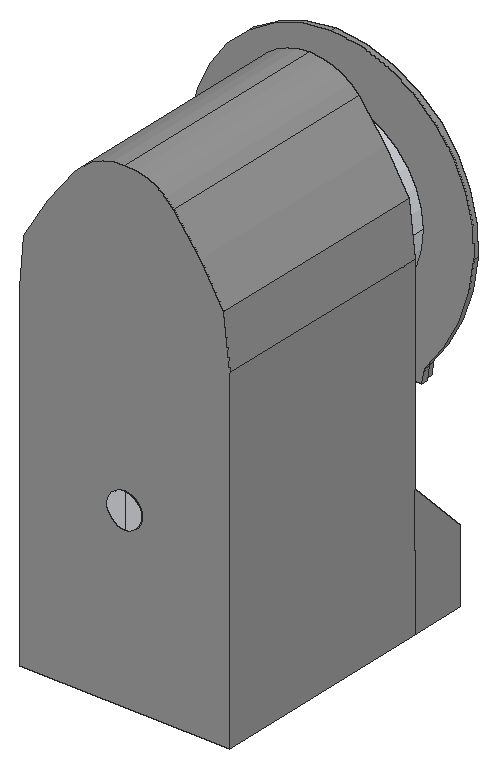
Revit family "Bariatric_Toilet-Willoughby-BETW-1490-FM-FA-12-TS", category Plumbing Fixtures, Revit 2015
Parameters (values of type "Standard")
  Waste DIA = 2 3/8"
  Waste Connection = yes
  Vent Connection = no
  URL = "https://www.willoughby-ind.com/wp-content/uploads/2018/01/BETF-1490-FM-FA-12.pdf"
  Type Comments = ""
  Revision = "A"
  Model = "BETF-1490-FM-FA-10-TS"
  Manufacturer = "Willoughby Industries"
  HW Connection = no
  Flush Inlet DIA = 1 1/2"
  Flush Inlet Connection = yes
  Fixture Body = Stainless Steel AISI 304-Willoughby
  Description = "Bariatric Toilet"
  Default Elevation = 0' - 0"
  Contact = "(800) 428-4065"
  CW Connection = no
Reference planes (in)
  plane 1 "Center (Front/Back)Floor": y = 0
  plane 2: z = 0
  plane 3 "Center (Left/Right)": x = 0
  plane 4 "Toilet Base HGT": y = 15.75
  plane 5 "Top Of Unit": y = 19.625
  plane 6: x = 7.125
  plane 7: x = -7.125
  plane 8: z = 22.875
  plane 9: z = 33
  plane 10: z = 33.5
  plane 11: z = 26.75
  plane 12: z = 31.375
  plane 13: x = 2
  plane 14: x = -2
  plane 15: z = 9
  plane 16: z = 5
  plane 17: z = 23.5
  plane 18: z = 29.6875
  plane 19: z = 15.125
  plane 20: x = 9.625
  plane 21: x = -9.625
  plane 22 "Waste HGT": y = 12.25
  plane 23 "Floor Waste": z = 12
Forms (in)
  Extrusion 1, solid, material "Stainless Steel AISI 304-Willoughby" <- "Fixture Body"
    sketch origin (0, 0, 2) x (1, 0, 0) y (0, 0, 1)
      loop
        line (7.125, -2) -> (7.125, 20.875)
        arc (7.125, 20.875) -> (7.03428, 22.67805) -> (6.76304, 24.46289) r 17.96324
        arc (6.76304, 24.46289) -> (5.19007, 27.08) -> (3.33041, 29.50181) r 26.87644
        arc (3.33041, 29.50181) -> (1.83129, 30.62012) -> (0, 31) r 4.32008
        arc (0, 31) -> (-1.83129, 30.62012) -> (-3.33041, 29.50181) r 4.32008
        arc (-3.33041, 29.50181) -> (-5.22531, 27.02815) -> (-6.82117, 24.35178) r 26.87644
        arc (-6.82117, 24.35178) -> (-7.04888, 22.71384) -> (-7.125, 21.0619) r 17.96324
        line (-7.125, 21.0619) -> (-7.125, -2) -> (7.125, -2)
    from 0 to -15.75
  Extrusion 2, solid, material "Stainless Steel AISI 304-Willoughby" <- "Fixture Body"
    sketch origin (0, 0, 0) x (0, 1, 0) y (0, 0, 1)
      loop
        line (15.75, 8.875) -> (15.75, 0) -> (19.625, 0) -> (19.625, 5) -> (15.75, 8.875)
    from -7.125 to 7.125
  Extrusion 3, solid
    sketch origin (0, 15.75, 2) x (-1, 0, 0) y (0, 0, 1)
      loop
        circle (0, 21.5) r 6.1875
    from 0 to 1.875
  Extrusion 4, solid, material "Stainless Steel AISI 304-Willoughby" <- "Fixture Body"
    sketch origin (0, 15.75, 2) x (-1, 0, 0) y (0, 0, 1)
      loop
        line (-4.75, 12.125) -> (-4.75, 12.625) -> (4.75, 12.625) -> (4.75, 12.125) -> (6.125, 12.125) -> (6.30133, 13.125)
        arc (6.30133, 13.125) -> (8.61843, 16.71898) -> (9.625, 20.875) r 12.82342
        arc (9.625, 20.875) -> (7.07791, 28.23969) -> (0, 31.5) r 9.93325
        arc (0, 31.5) -> (-7.07791, 28.23969) -> (-9.625, 20.875) r 9.93325
        arc (-9.625, 20.875) -> (-8.61843, 16.71898) -> (-6.30133, 13.125) r 12.82342
        line (-6.30133, 13.125) -> (-6.125, 12.125) -> (-4.75, 12.125)
    from 1.875 to 2.25
  Blend 5, solid, material "Stainless Steel AISI 304-Willoughby" <- "Fixture Body"
    base sketch origin (0, 15.75, 2) x (-1, 0, 0) y (0, 0, 1)
      loop
        line (-4.60785, 12.15929) -> (-4.60785, 12.40929) -> (4.64215, 12.40929) -> (4.64215, 12.15929) -> (5.98395, 12.15929) -> (6.22068, 14.59691)
        arc (6.22068, 14.59691) -> (8.11105, 18.09183) -> (8.6336, 22.03074) r 10.97859
        arc (8.6336, 22.03074) -> (5.98369, 28.04088) -> (0, 30.75) r 9.19603
        arc (0, 30.75) -> (-5.98369, 28.04088) -> (-8.6336, 22.03074) r 9.19603
        arc (-8.6336, 22.03074) -> (-8.11105, 18.09183) -> (-6.22068, 14.59691) r 10.97859
        line (-6.22068, 14.59691) -> (-5.98395, 12.15929) -> (-4.60785, 12.15929)
    top sketch origin (0, 15.75, 2) x (-1, 0, 0) y (0, 0, 1)
      loop
        arc (6.22944, 13.99176) -> (8.35674, 17.14799) -> (9.12911, 20.875) r 9.85348
        arc (9.12911, 20.875) -> (6.86364, 28.01045) -> (0, 31) r 9.05259
        arc (0, 31) -> (-6.86364, 28.01045) -> (-9.12911, 20.875) r 9.05259
        arc (-9.12911, 20.875) -> (-8.34629, 17.12327) -> (-6.19132, 13.954) r 9.85348
        line (-6.19132, 13.954) -> (-6.01467, 12.135) -> (-4.5826, 12.135) -> (-4.5826, 12.385) -> (4.63006, 12.385) -> (4.63006, 12.125) -> (5.99156, 12.125) -> (6.22944, 13.99176)
    from 2.875 to 2.25
  Extrusion 6, solid, material "Stainless Steel AISI 304-Willoughby" <- "Fixture Body"
    sketch origin (0, 19.625, 0) x (-1, 0, 0) y (0, 0, 1)
      loop
        circle (0, 2.5) r 0.75
    from 0 to 1.125
  Revolve 7, solid
    sketch origin (0, 0, 2) x (0, 1, 0) y (0, 0, 1)
      loop
        line (0, 10) -> (2.25, 10) -> (2.25, 11.1875) -> (0, 11.1875) -> (0, 10)
      axis (0, 10) -> (2.25, 10)
    angle from 0 to 360
Lines and regions (in)
  symbolic lines
    curve 1: line (0, 15.75, 8.875) -> (0, 15.75, 33)
    curve 2: line (0, 15.75, 33) -> (0, 0, 33)
    curve 3: line (0, 0, 33) -> (0, 0, 0)
    curve 4: line (0, 0, 0) -> (0, 15.75, 0)
    curve 11: line (0, 18, 14.125) -> (0, 17.625, 14.125)
    curve 16: line (0, 15.75, 8.875) -> (0, 19.625, 5)
    curve 17: line (0, 19.625, 5) -> (0, 19.625, 0)
    curve 18: line (0, 19.625, 0) -> (0, 15.75, 0)
    curve 22: line (7.125, 19.625, -0.25) -> (7.125, 19.625, 16.12365)
    curve 23: arc (7.125, 19.625, 16.12365) -> (8.85852, 19.625, 19.32028) -> (9.625, 19.625, 22.875) r 12.82342
    curve 24: arc (9.625, 19.625, 22.875) -> (9.10381, 19.625, 26.81755) -> (7.07791, 19.625, 30.23969) r 9.93325
    curve 25: arc (7.07791, 19.625, 30.23969) -> (3.87202, 19.625, 32.5929) -> (0, 19.625, 33.5) r 9.93325
    curve 26: arc (0, 19.625, 33.5) -> (-3.87202, 19.625, 32.5929) -> (-7.07791, 19.625, 30.23969) r 9.93325
    curve 27: arc (-7.07791, 19.625, 30.23969) -> (-9.10381, 19.625, 26.81755) -> (-9.625, 19.625, 22.875) r 9.93325
    curve 28: arc (-9.625, 19.625, 22.875) -> (-8.85852, 19.625, 19.32028) -> (-7.125, 19.625, 16.12365) r 12.82342
    curve 29: line (-7.125, 19.625, 16.12365) -> (-7.125, 19.625, 0)
    curve 30: line (-7.125, 19.625, 0) -> (7.125, 19.625, 0)
    curve 57: line (7.125, 19.625, 0) -> (-7.125, 19.625, 0)
    curve 58: line (-7.125, 19.625, 0) -> (-7.125, 0, 0)
    curve 59: line (-7.125, 0, 0) -> (7.125, 0, 0)
    curve 60: line (7.125, 0, 0) -> (7.125, 19.625, 0)
    curve 61: line (-6.76304, 15.75, 0) -> (-6.76304, 0, 0)
    curve 62: line (-7.125, 15.75, 0) -> (7.125, 15.75, 0)
    curve 63: line (6.1875, 17.625, 0) -> (6.1875, 15.75, 0)
    curve 64: line (-6.17726, 15.75, 0) -> (-6.17726, 17.625, 0)
    curve 65: line (-6.17726, 17.625, 0) -> (6.1875, 17.625, 0)
    curve 75: line (6.76304, 15.75, 0) -> (6.76304, 0, 0)
  symbolic lines, detail levels medium+fine
    curve 5: line (0, 15.75, 17.375) -> (0, 17.625, 17.375)
    curve 6: line (0, 17.625, 17.375) -> (0, 17.625, 29.6875)
    curve 7: line (0, 17.625, 29.6875) -> (0, 15.75, 29.6875)
    curve 8: line (0, 17.625, 29.6875) -> (0, 17.625, 33.5)
    curve 9: line (0, 17.625, 33.5) -> (0, 18, 33.5)
    curve 10: line (0, 18, 33.5) -> (0, 18, 14.125)
    curve 12: line (0, 17.625, 14.125) -> (0, 17.625, 17.375)
    curve 13: line (0, 18, 14.125) -> (0, 18.625, 14.15929)
    curve 14: line (0, 18.625, 14.15929) -> (0, 18.625, 32.75)
    curve 15: line (0, 18.625, 32.75) -> (0, 18, 33)
    curve 31: line (-7.125, 19.625, 5) -> (7.125, 19.625, 5)
    curve 32: line (-7.125, 19.625, 8.875) -> (7.125, 19.625, 8.875)
    curve 33: line (-7.125, 19.625, 16.12365) -> (-6.30133, 19.625, 15.125)
    curve 34: line (-6.30133, 19.625, 15.125) -> (-6.125, 19.625, 14.125)
    curve 35: line (-6.125, 19.625, 14.125) -> (-4.75, 19.625, 14.125)
    curve 36: line (-4.75, 19.625, 14.125) -> (-4.75, 19.625, 14.625)
    curve 37: line (-4.75, 19.625, 14.625) -> (4.75, 19.625, 14.625)
    curve 38: line (4.75, 19.625, 14.625) -> (4.75, 19.625, 14.125)
    curve 39: line (4.75, 19.625, 14.125) -> (6.125, 19.625, 14.125)
    curve 40: line (6.125, 19.625, 14.125) -> (6.30133, 19.625, 15.125)
    curve 41: arc (6.30133, 19.625, 15.125) -> (6.72577, 19.625, 15.61393) -> (7.125, 19.625, 16.12365) r 12.82342
    curve 53: line (0, 17.625, 14.125) -> (0, 18, 14.125)
    curve 66: line (-6.17726, 17.625, 0) -> (-9.6494, 17.625, 0)
    curve 67: line (-9.6494, 17.625, 0) -> (-9.6494, 18, 0)
    curve 68: line (-9.6494, 18, 0) -> (-9.12911, 18, 0)
    curve 69: line (-9.12911, 18, 0) -> (-8.6336, 18.625, 0)
    curve 70: line (-8.6336, 18.625, 0) -> (8.64736, 18.625, 0)
    curve 71: line (8.64736, 18.625, 0) -> (9.14287, 18, 0)
    curve 72: line (9.14287, 18, 0) -> (9.6494, 18, 0)
    curve 73: line (9.6494, 18, 0) -> (9.6494, 17.625, 0)
    curve 74: line (6.1875, 17.625, 0) -> (9.6494, 17.625, 0)
  symbolic lines, detail levels fine
    curve 19: line (0, 19.625, 1.75) -> (0, 20.75, 1.75)
    curve 20: line (0, 20.75, 1.75) -> (0, 20.75, 3.25)
    curve 21: line (0, 20.75, 3.25) -> (0, 19.625, 3.25)
    curve 42: line (-6.22068, 19.625, 16.59691) -> (-5.98395, 19.625, 14.15929)
    curve 43: line (-5.98395, 19.625, 14.15929) -> (-4.64215, 19.625, 14.15929)
    curve 44: line (-4.64215, 19.625, 14.15929) -> (-4.64215, 19.625, 14.385)
    curve 45: line (-4.64215, 19.625, 14.385) -> (4.60785, 19.625, 14.385)
    curve 46: line (4.60785, 19.625, 14.385) -> (4.60785, 19.625, 14.15929)
    curve 47: line (4.60785, 19.625, 14.15929) -> (5.98395, 19.625, 14.15929)
    curve 48: line (5.98395, 19.625, 14.15929) -> (6.22068, 19.625, 16.59691)
    curve 49: arc (6.22068, 19.625, 16.59691) -> (7.91817, 19.625, 19.54689) -> (8.63061, 19.625, 22.875) r 10.97859
    curve 50: arc (8.63061, 19.625, 22.875) -> (6.37958, 19.625, 29.61664) -> (0, 19.625, 32.75) r 9.21317
    curve 51: arc (0, 19.625, 32.75) -> (-6.36999, 19.625, 29.60827) -> (-8.63061, 19.625, 22.875) r 9.24339
    curve 52: arc (-8.63061, 19.625, 22.875) -> (-7.89379, 19.625, 19.55625) -> (-6.22068, 19.625, 16.59691) r 11.52349
    curve 54: line (0.75, 19.625, 0) -> (0.75, 20.75, 0)
    curve 55: line (0.75, 20.75, 0) -> (-0.75, 20.75, 0)
    curve 56: line (-0.75, 20.75, 0) -> (-0.75, 19.625, 0)
Dimensions and locks (in)
  plane 9 to level = 2' - 9"
  plane 1 "Center (Front/Back)Floor" to plane 4 "Toilet Base HGT" = 1' - 3 3/4"
  plane 1 "Center (Front/Back)Floor" to plane 5 "Top Of Unit" = 1' - 7 5/8"
  plane 7 to plane 6 = 1' - 2 1/4"
  plane 10 to level = 2' - 9 1/2"
  plane 4 "Toilet Base HGT" to plane 1 "Center (Front/Back)Floor" = 1' - 3 3/4"
  level to plane 10 = 2' - 9 1/2"
  plane 6 to plane 7 = 1' - 2 1/4"
  locked: plane 23 "Floor Waste" to level at 12
  plane 16 to level = 0' - 5"
  aligned and locked: Extrusion 1 to plane 7
  aligned and locked: Extrusion 2 to plane 4 "Toilet Base HGT"
  aligned and locked: plane 5 "Top Of Unit" to Extrusion 2
  aligned and locked: Extrusion 2 to level
  aligned and locked: plane 6 to Extrusion 2
  aligned and locked: Extrusion 2 to plane 7
  aligned and locked: curve 62 to curve 75
  aligned and locked: curve 75 to Extrusion 1
  aligned and locked: Revolve 7 sketch curve to Revolve 7 sketch curve  (x2)
Connectors (in)
  piping at (0, 20.75, 2.5), diameter 1.5, driven by "Flush Inlet DIA", driven by "Flush Inlet Connection"
    settings: on Extrusion 6, index 2, connector inside diameter 24", connector length 0' - 0", flow factor 0, pipe flow 0 GPM, pressure drop 0.00 psi, fitting loss kfactor 0, connector angle 0.00°, fixture units 0, engagement length 0' - 0", angle of deflection 0.00°, flow configuration 0, flow direction 1, fitting loss method 0, system type 20, joint type 0, gender type 0, connector reference index -1, connector utility 1, adjustable connector no, is connector primary yes, connector description "Flush Inlet"
  piping at (0, 0, 12), diameter 2.375, driven by "Waste DIA", driven by "Waste Connection"
    settings: on Revolve 7, index 3, connector inside diameter 24", connector length 0' - 0", flow factor 0, pipe flow 0 GPM, pressure drop 0.00 psi, fitting loss kfactor 0, connector angle 0.00°, fixture units 0, engagement length 0' - 0", angle of deflection 0.00°, flow configuration 0, flow direction 0, fitting loss method 0, system type 7, joint type 0, gender type 0, connector reference index -1, connector utility 1, adjustable connector no, is connector primary no, connector description ""
